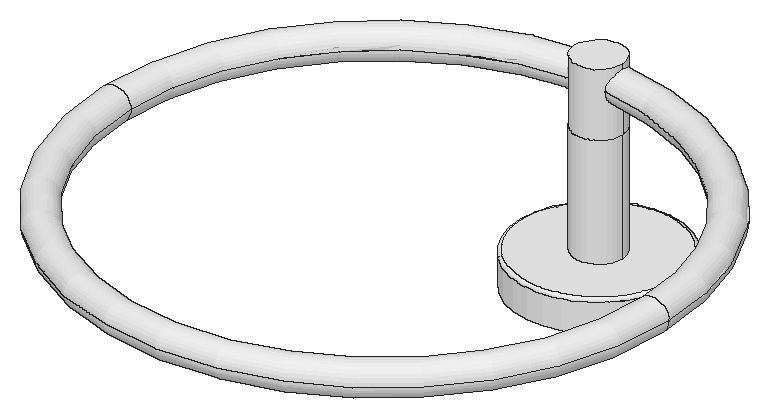
Revit family "Incepa_Acessorios_Thema_Toalheiro Anel_B8004I4CR0", category Plumbing Fixtures, host Face, Revit 2014
Parameters (values of type "Porta toalha")
  Waste Connection = no
  WFU = 0
  Vent Connection = no
  URL = "http://www.incepa.com.br"
  Type Comments = ""
  Selo de Qualidade ofcdesk = "Standard"
  Model = "B8004I4CR0"
  Metais [instance] = Celite - Cromado
  Manufacturer = "Incepa"
  Keynote = ""
  Incepa: Versão = "Autodesk Revit MEP 2014"
  Incepa: Tipo = "Porta toalhas"
  Incepa: Produto = "Metais"
  Incepa: Norma [instance] = "ABNT NBR 10282: 2003"
  Incepa: Linha = "Thema"
  Incepa: Informações Técnicas = "N/A"
  Incepa: Informações Gerais = "N/A"
  Incepa: Fabricante = "Incepa"
  Incepa: Descrição = "Porta toalha Thema (B8004I4CR0), Acessórios - Metais Incepa"
  Incepa: Código = "B8004I4CR0"
  Incepa: Cores Disponíveis = "Cromado"
  Incepa: Copyright © = "© 2014 Incepa"
  Incepa: Categoria = "Acessórios"
  Incepa: Altura da Peça [instance] = 0 mm
  HWFU = 0
  HW Connection = no
  Desenvolvido por = "ofcdesk"
  Description = "Porta toalha Thema (B8004I4CR0), Acessórios - Metais Incepa"
  Default Elevation = 1400 mm
  Cost = 0
  CWFU = 0
  CW Connection = no
  Assembly Code = "D2010"
Reference planes
  plane 1 "Center (Front/Back)": y = 0
  plane 2: z = 0
  plane 3 "Center (Left/Right)": x = 0
Forms (mm)
  Extrusion 1, solid, material "Celite - Cromado" <- "Metais"
    sketch origin (0, 0, 0) x (1, 0, 0) y (0, 1, 0)
      loop
        circle (0, 0) r 7.5
    from 0 to 45
  Extrusion 2, solid, material "Celite - Cromado" <- "Metais"
    sketch origin (0, 0, 0) x (1, 0, 0) y (0, 1, 0)
      loop
        circle (0, 0) r 7.5
    from 45 to 65
  Sweep 3, solid, material "Celite - Cromado" <- "Metais"
    path origin (0, 0, 0) x (1, 0, 0) y (0, 1, 0)
      loop
        circle (0, 0) r 25
    profile origin (0, 25, 0) x (0, -1, 0) y (0, 0, 1)
      loop
        line (0, 0) -> (17.5, 0) -> (17.5, 10) -> (1, 10)
        arc (1, 10) -> (0.293, 9.707) -> (0, 9) r 1
        line (0, 9) -> (0, 0)
  Sweep 4, solid, material "Celite - Cromado" <- "Metais"
    path origin (0, 0, 0) x (1, 0, 0) y (0, 1, 0)
      loop
        circle (0, -84.668) r 85
    profile origin (0, 0.332, 0) x (0, -1, 0) y (0, 0, 1)
      loop
        circle (0, 58.5) r 5
Cuts and joins
  joined: Extrusion 2, Sweep 4
  joined: Extrusion 1, Sweep 3
Dimensions and locks
  aligned and locked: plane 2 to host face
  aligned and locked: level to host face
